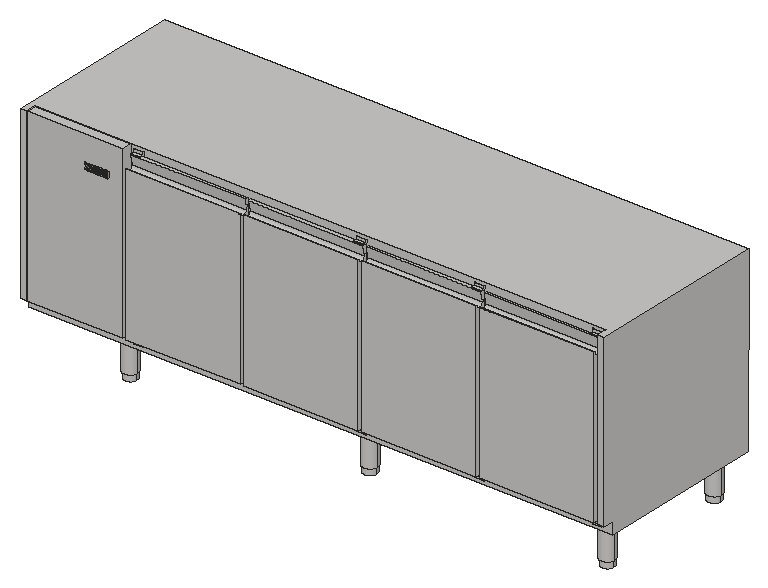
Revit family "QF_ZANUSSI_111052_ZH4H7AAAA", category Specialty Equipment, Revit 2018 (continued)
Definition of nested family "ZAN_Cooling Unit"
  Lines and regions (mm)
    Split face 130
      outline origin (110.032, 2, -113.091) x (0, 0, 1) y (-1, 0, 0)
        loop
          arc (510.649, 158.547) -> (506.648, 162.548) -> (502.647, 158.547) r 4.001
          line (502.647, 158.547) -> (502.647, 116.535)
          arc (502.647, 116.535) -> (506.648, 112.533) -> (510.649, 116.535) r 4.001
          line (510.649, 116.535) -> (510.649, 158.547)
    Split face 131
      outline origin (110.032, 2, -125.094) x (0, 0, 1) y (-1, 0, 0)
        loop
          arc (510.649, 158.547) -> (506.648, 162.548) -> (502.647, 158.547) r 4.001
          line (502.647, 158.547) -> (502.647, 116.535)
          arc (502.647, 116.535) -> (506.648, 112.533) -> (510.649, 116.535) r 4.001
          line (510.649, 116.535) -> (510.649, 158.547)
    Split face 132
      outline origin (110.032, 2, -137.098) x (0, 0, 1) y (-1, 0, 0)
        loop
          arc (510.649, 158.547) -> (506.648, 162.548) -> (502.647, 158.547) r 4.001
          line (502.647, 158.547) -> (502.647, 116.535)
          arc (502.647, 116.535) -> (506.648, 112.533) -> (510.649, 116.535) r 4.001
          line (510.649, 116.535) -> (510.649, 158.547)
    Split face 133
      outline origin (110.032, 2, -149.101) x (0, 0, 1) y (-1, 0, 0)
        loop
          arc (510.649, 158.547) -> (506.648, 162.548) -> (502.647, 158.547) r 4.001
          line (502.647, 158.547) -> (502.647, 116.535)
          arc (502.647, 116.535) -> (506.648, 112.533) -> (510.649, 116.535) r 4.001
          line (510.649, 116.535) -> (510.649, 158.547)
    Split face 134
      outline origin (110.032, 2, -161.105) x (0, 0, 1) y (-1, 0, 0)
        loop
          arc (510.649, 158.547) -> (506.648, 162.548) -> (502.647, 158.547) r 4.001
          line (502.647, 158.547) -> (502.647, 116.535)
          arc (502.647, 116.535) -> (506.648, 112.533) -> (510.649, 116.535) r 4.001
          line (510.649, 116.535) -> (510.649, 158.547)
    Split face 135
      outline origin (110.032, 2, -173.108) x (0, 0, 1) y (-1, 0, 0)
        loop
          arc (510.649, 158.547) -> (506.648, 162.548) -> (502.647, 158.547) r 4.001
          line (502.647, 158.547) -> (502.647, 116.535)
          arc (502.647, 116.535) -> (506.648, 112.533) -> (510.649, 116.535) r 4.001
          line (510.649, 116.535) -> (510.649, 158.547)
    Split face 136
      outline origin (110.032, 2, -185.112) x (0, 0, 1) y (-1, 0, 0)
        loop
          arc (510.649, 158.547) -> (506.648, 162.548) -> (502.647, 158.547) r 4.001
          line (502.647, 158.547) -> (502.647, 116.535)
          arc (502.647, 116.535) -> (506.648, 112.533) -> (510.649, 116.535) r 4.001
          line (510.649, 116.535) -> (510.649, 158.547)
    Split face 137
      outline origin (110.032, 2, -197.115) x (0, 0, 1) y (-1, 0, 0)
        loop
          arc (510.649, 158.547) -> (506.648, 162.548) -> (502.647, 158.547) r 4.001
          line (502.647, 158.547) -> (502.647, 116.535)
          arc (502.647, 116.535) -> (506.648, 112.533) -> (510.649, 116.535) r 4.001
          line (510.649, 116.535) -> (510.649, 158.547)
    Split face 138
      outline origin (110.032, 2, -209.119) x (0, 0, 1) y (-1, 0, 0)
        loop
          arc (510.649, 158.547) -> (506.648, 162.548) -> (502.647, 158.547) r 4.001
          line (502.647, 158.547) -> (502.647, 116.535)
          arc (502.647, 116.535) -> (506.648, 112.533) -> (510.649, 116.535) r 4.001
          line (510.649, 116.535) -> (510.649, 158.547)
    Split face 139
      outline origin (110.032, 2, -221.122) x (0, 0, 1) y (-1, 0, 0)
        loop
          arc (510.649, 158.547) -> (506.648, 162.548) -> (502.647, 158.547) r 4.001
          line (502.647, 158.547) -> (502.647, 116.535)
          arc (502.647, 116.535) -> (506.648, 112.533) -> (510.649, 116.535) r 4.001
          line (510.649, 116.535) -> (510.649, 158.547)
    Split face 140
      outline origin (110.032, 2, -233.126) x (0, 0, 1) y (-1, 0, 0)
        loop
          arc (510.649, 158.547) -> (506.648, 162.548) -> (502.647, 158.547) r 4.001
          line (502.647, 158.547) -> (502.647, 116.535)
          arc (502.647, 116.535) -> (506.648, 112.533) -> (510.649, 116.535) r 4.001
          line (510.649, 116.535) -> (510.649, 158.547)
    Split face 141
      outline origin (110.032, 2, -245.129) x (0, 0, 1) y (-1, 0, 0)
        loop
          arc (510.649, 158.547) -> (506.648, 162.548) -> (502.647, 158.547) r 4.001
          line (502.647, 158.547) -> (502.647, 116.535)
          arc (502.647, 116.535) -> (506.648, 112.533) -> (510.649, 116.535) r 4.001
          line (510.649, 116.535) -> (510.649, 158.547)
    Split face 142
      outline origin (110.032, 2, -257.133) x (0, 0, 1) y (-1, 0, 0)
        loop
          arc (510.649, 158.547) -> (506.648, 162.548) -> (502.647, 158.547) r 4.001
          line (502.647, 158.547) -> (502.647, 116.535)
          arc (502.647, 116.535) -> (506.648, 112.533) -> (510.649, 116.535) r 4.001
          line (510.649, 116.535) -> (510.649, 158.547)
    Split face 143
      outline origin (110.032, 2, -269.136) x (0, 0, 1) y (-1, 0, 0)
        loop
          arc (510.649, 158.547) -> (506.648, 162.548) -> (502.647, 158.547) r 4.001
          line (502.647, 158.547) -> (502.647, 116.535)
          arc (502.647, 116.535) -> (506.648, 112.533) -> (510.649, 116.535) r 4.001
          line (510.649, 116.535) -> (510.649, 158.547)
    Split face 144
      outline origin (110.032, 2, -281.14) x (0, 0, 1) y (-1, 0, 0)
        loop
          arc (510.649, 158.547) -> (506.648, 162.548) -> (502.647, 158.547) r 4.001
          line (502.647, 158.547) -> (502.647, 116.535)
          arc (502.647, 116.535) -> (506.648, 112.533) -> (510.649, 116.535) r 4.001
          line (510.649, 116.535) -> (510.649, 158.547)
    Split face 145
      outline origin (110.032, 2, -293.144) x (0, 0, 1) y (-1, 0, 0)
        loop
          arc (510.649, 158.547) -> (506.648, 162.548) -> (502.647, 158.547) r 4.001
          line (502.647, 158.547) -> (502.647, 116.535)
          arc (502.647, 116.535) -> (506.648, 112.533) -> (510.649, 116.535) r 4.001
          line (510.649, 116.535) -> (510.649, 158.547)
    Split face 146
      outline origin (165.048, 2, -113.091) x (0, 0, 1) y (-1, 0, 0)
        loop
          arc (510.649, 158.547) -> (506.648, 162.548) -> (502.647, 158.547) r 4.001
          line (502.647, 158.547) -> (502.647, 116.535)
          arc (502.647, 116.535) -> (506.648, 112.533) -> (510.649, 116.535) r 4.001
          line (510.649, 116.535) -> (510.649, 158.547)
    Split face 147
      outline origin (165.048, 2, -125.094) x (0, 0, 1) y (-1, 0, 0)
        loop
          arc (510.649, 158.547) -> (506.648, 162.548) -> (502.647, 158.547) r 4.001
          line (502.647, 158.547) -> (502.647, 116.535)
          arc (502.647, 116.535) -> (506.648, 112.533) -> (510.649, 116.535) r 4.001
          line (510.649, 116.535) -> (510.649, 158.547)
    Split face 148
      outline origin (165.048, 2, -137.098) x (0, 0, 1) y (-1, 0, 0)
        loop
          arc (510.649, 158.547) -> (506.648, 162.548) -> (502.647, 158.547) r 4.001
          line (502.647, 158.547) -> (502.647, 116.535)
          arc (502.647, 116.535) -> (506.648, 112.533) -> (510.649, 116.535) r 4.001
          line (510.649, 116.535) -> (510.649, 158.547)
    Split face 149
      outline origin (165.048, 2, -149.101) x (0, 0, 1) y (-1, 0, 0)
        loop
          arc (510.649, 158.547) -> (506.648, 162.548) -> (502.647, 158.547) r 4.001
          line (502.647, 158.547) -> (502.647, 116.535)
          arc (502.647, 116.535) -> (506.648, 112.533) -> (510.649, 116.535) r 4.001
          line (510.649, 116.535) -> (510.649, 158.547)
    Split face 150
      outline origin (165.048, 2, -161.105) x (0, 0, 1) y (-1, 0, 0)
        loop
          arc (510.649, 158.547) -> (506.648, 162.548) -> (502.647, 158.547) r 4.001
          line (502.647, 158.547) -> (502.647, 116.535)
          arc (502.647, 116.535) -> (506.648, 112.533) -> (510.649, 116.535) r 4.001
          line (510.649, 116.535) -> (510.649, 158.547)
    Split face 151
      outline origin (165.048, 2, -173.108) x (0, 0, 1) y (-1, 0, 0)
        loop
          arc (510.649, 158.547) -> (506.648, 162.548) -> (502.647, 158.547) r 4.001
          line (502.647, 158.547) -> (502.647, 116.535)
          arc (502.647, 116.535) -> (506.648, 112.533) -> (510.649, 116.535) r 4.001
          line (510.649, 116.535) -> (510.649, 158.547)
    Split face 152
      outline origin (165.048, 2, -185.112) x (0, 0, 1) y (-1, 0, 0)
        loop
          arc (510.649, 158.547) -> (506.648, 162.548) -> (502.647, 158.547) r 4.001
          line (502.647, 158.547) -> (502.647, 116.535)
          arc (502.647, 116.535) -> (506.648, 112.533) -> (510.649, 116.535) r 4.001
          line (510.649, 116.535) -> (510.649, 158.547)
    Split face 153
      outline origin (165.048, 2, -197.115) x (0, 0, 1) y (-1, 0, 0)
        loop
          arc (510.649, 158.547) -> (506.648, 162.548) -> (502.647, 158.547) r 4.001
          line (502.647, 158.547) -> (502.647, 116.535)
          arc (502.647, 116.535) -> (506.648, 112.533) -> (510.649, 116.535) r 4.001
          line (510.649, 116.535) -> (510.649, 158.547)
    Split face 154
      outline origin (165.048, 2, -209.119) x (0, 0, 1) y (-1, 0, 0)
        loop
          arc (510.649, 158.547) -> (506.648, 162.548) -> (502.647, 158.547) r 4.001
          line (502.647, 158.547) -> (502.647, 116.535)
          arc (502.647, 116.535) -> (506.648, 112.533) -> (510.649, 116.535) r 4.001
          line (510.649, 116.535) -> (510.649, 158.547)
    Split face 155
      outline origin (165.048, 2, -221.122) x (0, 0, 1) y (-1, 0, 0)
        loop
          arc (510.649, 158.547) -> (506.648, 162.548) -> (502.647, 158.547) r 4.001
          line (502.647, 158.547) -> (502.647, 116.535)
          arc (502.647, 116.535) -> (506.648, 112.533) -> (510.649, 116.535) r 4.001
          line (510.649, 116.535) -> (510.649, 158.547)
    Split face 156
      outline origin (165.048, 2, -233.126) x (0, 0, 1) y (-1, 0, 0)
        loop
          arc (510.649, 158.547) -> (506.648, 162.548) -> (502.647, 158.547) r 4.001
          line (502.647, 158.547) -> (502.647, 116.535)
          arc (502.647, 116.535) -> (506.648, 112.533) -> (510.649, 116.535) r 4.001
          line (510.649, 116.535) -> (510.649, 158.547)
    Split face 157
      outline origin (165.048, 2, -245.129) x (0, 0, 1) y (-1, 0, 0)
        loop
          arc (510.649, 158.547) -> (506.648, 162.548) -> (502.647, 158.547) r 4.001
          line (502.647, 158.547) -> (502.647, 116.535)
          arc (502.647, 116.535) -> (506.648, 112.533) -> (510.649, 116.535) r 4.001
          line (510.649, 116.535) -> (510.649, 158.547)
    Split face 158
      outline origin (165.048, 2, -257.133) x (0, 0, 1) y (-1, 0, 0)
        loop
          arc (510.649, 158.547) -> (506.648, 162.548) -> (502.647, 158.547) r 4.001
          line (502.647, 158.547) -> (502.647, 116.535)
          arc (502.647, 116.535) -> (506.648, 112.533) -> (510.649, 116.535) r 4.001
          line (510.649, 116.535) -> (510.649, 158.547)
    Split face 159
      outline origin (165.048, 2, -269.136) x (0, 0, 1) y (-1, 0, 0)
        loop
          arc (510.649, 158.547) -> (506.648, 162.548) -> (502.647, 158.547) r 4.001
          line (502.647, 158.547) -> (502.647, 116.535)
          arc (502.647, 116.535) -> (506.648, 112.533) -> (510.649, 116.535) r 4.001
          line (510.649, 116.535) -> (510.649, 158.547)
    Split face 160
      outline origin (165.048, 2, -281.14) x (0, 0, 1) y (-1, 0, 0)
        loop
          arc (510.649, 158.547) -> (506.648, 162.548) -> (502.647, 158.547) r 4.001
          line (502.647, 158.547) -> (502.647, 116.535)
          arc (502.647, 116.535) -> (506.648, 112.533) -> (510.649, 116.535) r 4.001
          line (510.649, 116.535) -> (510.649, 158.547)
    Split face 161
      outline origin (165.048, 2, -293.144) x (0, 0, 1) y (-1, 0, 0)
        loop
          arc (510.649, 158.547) -> (506.648, 162.548) -> (502.647, 158.547) r 4.001
          line (502.647, 158.547) -> (502.647, 116.535)
          arc (502.647, 116.535) -> (506.648, 112.533) -> (510.649, 116.535) r 4.001
          line (510.649, 116.535) -> (510.649, 158.547)
    Split face 162
      outline origin (220.064, 2, -113.091) x (0, 0, 1) y (-1, 0, 0)
        loop
          arc (510.649, 158.547) -> (506.648, 162.548) -> (502.647, 158.547) r 4.001
          line (502.647, 158.547) -> (502.647, 116.535)
          arc (502.647, 116.535) -> (506.648, 112.533) -> (510.649, 116.535) r 4.001
          line (510.649, 116.535) -> (510.649, 158.547)
    Split face 163
      outline origin (220.064, 2, -125.094) x (0, 0, 1) y (-1, 0, 0)
        loop
          arc (510.649, 158.547) -> (506.648, 162.548) -> (502.647, 158.547) r 4.001
          line (502.647, 158.547) -> (502.647, 116.535)
          arc (502.647, 116.535) -> (506.648, 112.533) -> (510.649, 116.535) r 4.001
          line (510.649, 116.535) -> (510.649, 158.547)
    Split face 164
      outline origin (220.064, 2, -137.098) x (0, 0, 1) y (-1, 0, 0)
        loop
          arc (510.649, 158.547) -> (506.648, 162.548) -> (502.647, 158.547) r 4.001
          line (502.647, 158.547) -> (502.647, 116.535)
          arc (502.647, 116.535) -> (506.648, 112.533) -> (510.649, 116.535) r 4.001
          line (510.649, 116.535) -> (510.649, 158.547)
    Split face 165
      outline origin (220.064, 2, -149.101) x (0, 0, 1) y (-1, 0, 0)
        loop
          arc (510.649, 158.547) -> (506.648, 162.548) -> (502.647, 158.547) r 4.001
          line (502.647, 158.547) -> (502.647, 116.535)
          arc (502.647, 116.535) -> (506.648, 112.533) -> (510.649, 116.535) r 4.001
          line (510.649, 116.535) -> (510.649, 158.547)
    Split face 166
      outline origin (220.064, 2, -161.105) x (0, 0, 1) y (-1, 0, 0)
        loop
          arc (510.649, 158.547) -> (506.648, 162.548) -> (502.647, 158.547) r 4.001
          line (502.647, 158.547) -> (502.647, 116.535)
          arc (502.647, 116.535) -> (506.648, 112.533) -> (510.649, 116.535) r 4.001
          line (510.649, 116.535) -> (510.649, 158.547)
    Split face 167
      outline origin (220.064, 2, -173.108) x (0, 0, 1) y (-1, 0, 0)
        loop
          arc (510.649, 158.547) -> (506.648, 162.548) -> (502.647, 158.547) r 4.001
          line (502.647, 158.547) -> (502.647, 116.535)
          arc (502.647, 116.535) -> (506.648, 112.533) -> (510.649, 116.535) r 4.001
          line (510.649, 116.535) -> (510.649, 158.547)
    Split face 168
      outline origin (220.064, 2, -185.112) x (0, 0, 1) y (-1, 0, 0)
        loop
          arc (510.649, 158.547) -> (506.648, 162.548) -> (502.647, 158.547) r 4.001
          line (502.647, 158.547) -> (502.647, 116.535)
          arc (502.647, 116.535) -> (506.648, 112.533) -> (510.649, 116.535) r 4.001
          line (510.649, 116.535) -> (510.649, 158.547)
    Split face 169
      outline origin (220.064, 2, -197.115) x (0, 0, 1) y (-1, 0, 0)
        loop
          arc (510.649, 158.547) -> (506.648, 162.548) -> (502.647, 158.547) r 4.001
          line (502.647, 158.547) -> (502.647, 116.535)
          arc (502.647, 116.535) -> (506.648, 112.533) -> (510.649, 116.535) r 4.001
          line (510.649, 116.535) -> (510.649, 158.547)
    Split face 170
      outline origin (220.064, 2, -209.119) x (0, 0, 1) y (-1, 0, 0)
        loop
          arc (510.649, 158.547) -> (506.648, 162.548) -> (502.647, 158.547) r 4.001
          line (502.647, 158.547) -> (502.647, 116.535)
          arc (502.647, 116.535) -> (506.648, 112.533) -> (510.649, 116.535) r 4.001
          line (510.649, 116.535) -> (510.649, 158.547)
    Split face 171
      outline origin (220.064, 2, -221.122) x (0, 0, 1) y (-1, 0, 0)
        loop
          arc (510.649, 158.547) -> (506.648, 162.548) -> (502.647, 158.547) r 4.001
          line (502.647, 158.547) -> (502.647, 116.535)
          arc (502.647, 116.535) -> (506.648, 112.533) -> (510.649, 116.535) r 4.001
          line (510.649, 116.535) -> (510.649, 158.547)
    Split face 172
      outline origin (220.064, 2, -233.126) x (0, 0, 1) y (-1, 0, 0)
        loop
          arc (510.649, 158.547) -> (506.648, 162.548) -> (502.647, 158.547) r 4.001
          line (502.647, 158.547) -> (502.647, 116.535)
          arc (502.647, 116.535) -> (506.648, 112.533) -> (510.649, 116.535) r 4.001
          line (510.649, 116.535) -> (510.649, 158.547)
    Split face 173
      outline origin (220.064, 2, -245.129) x (0, 0, 1) y (-1, 0, 0)
        loop
          arc (510.649, 158.547) -> (506.648, 162.548) -> (502.647, 158.547) r 4.001
          line (502.647, 158.547) -> (502.647, 116.535)
          arc (502.647, 116.535) -> (506.648, 112.533) -> (510.649, 116.535) r 4.001
          line (510.649, 116.535) -> (510.649, 158.547)
    Split face 174
      outline origin (220.064, 2, -257.133) x (0, 0, 1) y (-1, 0, 0)
        loop
          arc (510.649, 158.547) -> (506.648, 162.548) -> (502.647, 158.547) r 4.001
          line (502.647, 158.547) -> (502.647, 116.535)
          arc (502.647, 116.535) -> (506.648, 112.533) -> (510.649, 116.535) r 4.001
          line (510.649, 116.535) -> (510.649, 158.547)
    Split face 175
      outline origin (220.064, 2, -269.136) x (0, 0, 1) y (-1, 0, 0)
        loop
          arc (510.649, 158.547) -> (506.648, 162.548) -> (502.647, 158.547) r 4.001
          line (502.647, 158.547) -> (502.647, 116.535)
          arc (502.647, 116.535) -> (506.648, 112.533) -> (510.649, 116.535) r 4.001
          line (510.649, 116.535) -> (510.649, 158.547)
    Split face 176
      outline origin (220.064, 2, -281.14) x (0, 0, 1) y (-1, 0, 0)
        loop
          arc (510.649, 158.547) -> (506.648, 162.548) -> (502.647, 158.547) r 4.001
          line (502.647, 158.547) -> (502.647, 116.535)
          arc (502.647, 116.535) -> (506.648, 112.533) -> (510.649, 116.535) r 4.001
          line (510.649, 116.535) -> (510.649, 158.547)
    Split face 177
      outline origin (220.064, 2, -293.144) x (0, 0, 1) y (-1, 0, 0)
        loop
          arc (510.649, 158.547) -> (506.648, 162.548) -> (502.647, 158.547) r 4.001
          line (502.647, 158.547) -> (502.647, 116.535)
          arc (502.647, 116.535) -> (506.648, 112.533) -> (510.649, 116.535) r 4.001
          line (510.649, 116.535) -> (510.649, 158.547)
    Split face 178
      outline origin (275.081, 2, -113.091) x (0, 0, 1) y (-1, 0, 0)
        loop
          arc (510.649, 158.547) -> (506.648, 162.548) -> (502.647, 158.547) r 4.001
          line (502.647, 158.547) -> (502.647, 116.535)
          arc (502.647, 116.535) -> (506.648, 112.533) -> (510.649, 116.535) r 4.001
          line (510.649, 116.535) -> (510.649, 158.547)
    Split face 179
      outline origin (275.081, 2, -125.094) x (0, 0, 1) y (-1, 0, 0)
        loop
          arc (510.649, 158.547) -> (506.648, 162.548) -> (502.647, 158.547) r 4.001
          line (502.647, 158.547) -> (502.647, 116.535)
          arc (502.647, 116.535) -> (506.648, 112.533) -> (510.649, 116.535) r 4.001
          line (510.649, 116.535) -> (510.649, 158.547)
    Split face 180
      outline origin (275.081, 2, -137.098) x (0, 0, 1) y (-1, 0, 0)
        loop
          arc (510.649, 158.547) -> (506.648, 162.548) -> (502.647, 158.547) r 4.001
          line (502.647, 158.547) -> (502.647, 116.535)
          arc (502.647, 116.535) -> (506.648, 112.533) -> (510.649, 116.535) r 4.001
          line (510.649, 116.535) -> (510.649, 158.547)
    Split face 181
      outline origin (275.081, 2, -149.101) x (0, 0, 1) y (-1, 0, 0)
        loop
          arc (510.649, 158.547) -> (506.648, 162.548) -> (502.647, 158.547) r 4.001
          line (502.647, 158.547) -> (502.647, 116.535)
          arc (502.647, 116.535) -> (506.648, 112.533) -> (510.649, 116.535) r 4.001
          line (510.649, 116.535) -> (510.649, 158.547)
    Split face 182
      outline origin (275.081, 2, -161.105) x (0, 0, 1) y (-1, 0, 0)
        loop
          arc (510.649, 158.547) -> (506.648, 162.548) -> (502.647, 158.547) r 4.001
          line (502.647, 158.547) -> (502.647, 116.535)
          arc (502.647, 116.535) -> (506.648, 112.533) -> (510.649, 116.535) r 4.001
          line (510.649, 116.535) -> (510.649, 158.547)
    Split face 183
      outline origin (275.081, 2, -173.108) x (0, 0, 1) y (-1, 0, 0)
        loop
          arc (510.649, 158.547) -> (506.648, 162.548) -> (502.647, 158.547) r 4.001
          line (502.647, 158.547) -> (502.647, 116.535)
          arc (502.647, 116.535) -> (506.648, 112.533) -> (510.649, 116.535) r 4.001
          line (510.649, 116.535) -> (510.649, 158.547)
    Split face 184
      outline origin (275.081, 2, -185.112) x (0, 0, 1) y (-1, 0, 0)
        loop
          arc (510.649, 158.547) -> (506.648, 162.548) -> (502.647, 158.547) r 4.001
          line (502.647, 158.547) -> (502.647, 116.535)
          arc (502.647, 116.535) -> (506.648, 112.533) -> (510.649, 116.535) r 4.001
          line (510.649, 116.535) -> (510.649, 158.547)
    Split face 185
      outline origin (275.081, 2, -197.115) x (0, 0, 1) y (-1, 0, 0)
        loop
          arc (510.649, 158.547) -> (506.648, 162.548) -> (502.647, 158.547) r 4.001
          line (502.647, 158.547) -> (502.647, 116.535)
          arc (502.647, 116.535) -> (506.648, 112.533) -> (510.649, 116.535) r 4.001
          line (510.649, 116.535) -> (510.649, 158.547)
    Split face 186
      outline origin (275.081, 2, -209.119) x (0, 0, 1) y (-1, 0, 0)
        loop
          arc (510.649, 158.547) -> (506.648, 162.548) -> (502.647, 158.547) r 4.001
          line (502.647, 158.547) -> (502.647, 116.535)
          arc (502.647, 116.535) -> (506.648, 112.533) -> (510.649, 116.535) r 4.001
          line (510.649, 116.535) -> (510.649, 158.547)
    Split face 187
      outline origin (275.081, 2, -221.122) x (0, 0, 1) y (-1, 0, 0)
        loop
          arc (510.649, 158.547) -> (506.648, 162.548) -> (502.647, 158.547) r 4.001
          line (502.647, 158.547) -> (502.647, 116.535)
          arc (502.647, 116.535) -> (506.648, 112.533) -> (510.649, 116.535) r 4.001
          line (510.649, 116.535) -> (510.649, 158.547)
    Split face 188
      outline origin (275.081, 2, -233.126) x (0, 0, 1) y (-1, 0, 0)
        loop
          arc (510.649, 158.547) -> (506.648, 162.548) -> (502.647, 158.547) r 4.001
          line (502.647, 158.547) -> (502.647, 116.535)
          arc (502.647, 116.535) -> (506.648, 112.533) -> (510.649, 116.535) r 4.001
          line (510.649, 116.535) -> (510.649, 158.547)
    Split face 189
      outline origin (275.081, 2, -245.129) x (0, 0, 1) y (-1, 0, 0)
        loop
          arc (510.649, 158.547) -> (506.648, 162.548) -> (502.647, 158.547) r 4.001
          line (502.647, 158.547) -> (502.647, 116.535)
          arc (502.647, 116.535) -> (506.648, 112.533) -> (510.649, 116.535) r 4.001
          line (510.649, 116.535) -> (510.649, 158.547)
    Split face 190
      outline origin (275.081, 2, -257.133) x (0, 0, 1) y (-1, 0, 0)
        loop
          arc (510.649, 158.547) -> (506.648, 162.548) -> (502.647, 158.547) r 4.001
          line (502.647, 158.547) -> (502.647, 116.535)
          arc (502.647, 116.535) -> (506.648, 112.533) -> (510.649, 116.535) r 4.001
          line (510.649, 116.535) -> (510.649, 158.547)
    Split face 191
      outline origin (275.081, 2, -269.136) x (0, 0, 1) y (-1, 0, 0)
        loop
          arc (510.649, 158.547) -> (506.648, 162.548) -> (502.647, 158.547) r 4.001
          line (502.647, 158.547) -> (502.647, 116.535)
          arc (502.647, 116.535) -> (506.648, 112.533) -> (510.649, 116.535) r 4.001
          line (510.649, 116.535) -> (510.649, 158.547)
    Split face 192
      outline origin (275.081, 2, -281.14) x (0, 0, 1) y (-1, 0, 0)
        loop
          arc (510.649, 158.547) -> (506.648, 162.548) -> (502.647, 158.547) r 4.001
          line (502.647, 158.547) -> (502.647, 116.535)
          arc (502.647, 116.535) -> (506.648, 112.533) -> (510.649, 116.535) r 4.001
          line (510.649, 116.535) -> (510.649, 158.547)
    Split face 193
      outline origin (275.081, 2, -293.144) x (0, 0, 1) y (-1, 0, 0)
        loop
          arc (510.649, 158.547) -> (506.648, 162.548) -> (502.647, 158.547) r 4.001
          line (502.647, 158.547) -> (502.647, 116.535)
          arc (502.647, 116.535) -> (506.648, 112.533) -> (510.649, 116.535) r 4.001
          line (510.649, 116.535) -> (510.649, 158.547)
    Split face 194
      outline origin (0, 2, 197) x (0, 0, 1) y (-1, 0, 0)
        loop
          spline (566.835, 20.381) -> (564.628, 19.058) -> (561.987, 18.027) -> (558.955, 17.386) -> (555.581, 17.244) -> (551.912, 17.703) -> (547.993, 18.863) -> (543.871, 20.83) -> (539.591, 23.706) -> (535.202, 27.594) -> (530.748, 32.597) -> (526.28, 38.824) -> (521.835, 46.362)
        loop
          spline (521.835, 58.392) -> (525.386, 49.242) -> (529.197, 41.481) -> (533.2, 35.023) -> (537.329, 29.786) -> (541.516, 25.684) -> (545.695, 22.634) -> (549.798, 20.552) -> (553.759, 19.355) -> (557.511, 18.958) -> (560.984, 19.275) -> (564.115, 20.227) -> (566.835, 21.726)
    Split face 195
      outline origin (0, 2, 197) x (0, 0, 1) y (-1, 0, 0)
        loop
          line (555.835, 149.5) -> (532.835, 149.5) -> (532.835, 94.5) -> (555.835, 94.5) -> (555.835, 149.5)
  Dimensions and locks
    aligned and locked: level to plane 2
  Nested families
    nested 1: "ZAN_Logo_S_Grey" at (85, 2, 741.213) x (1, 0, 0) z (0, -1, 0), visible <- "Show Logo", type "ZAN_Logo_S_Grey"
  Definition of nested family "ZAN_Logo_S_Grey"
    Parameters
      Default Elevation = 0 mm
    Reference planes
      plane 1 "Centro (Fronte/Retro)": y = 0
      plane 2: z = 0
      plane 3 "Centro (Sinistra/Destra)": x = 0
    Forms (mm)
      Extrusion 1, solid
        sketch origin (0, 0, 0) x (1, 0, 0) y (0, 1, 0)
          loop
            line (-1219.2, 1219.2) -> (-1219.2, -1219.2) -> (1219.2, -1219.2) -> (1219.2, 1219.2) -> (-1219.2, 1219.2)
        from 0 to -304.8
      Extrusion 2, solid
        sketch origin (17.793, -46.218, 0) x (-1, 0, 0) y (0, -1, 0)
          loop
            spline (-4.176, -58.079) -> (-3.496, -58.328) -> (-2.793, -58.512) -> (-2.075, -58.63) -> (-1.348, -58.682) -> (-0.619, -58.669) -> (0.106, -58.588) -> (0.818, -58.44) -> (1.512, -58.225) -> (2.18, -57.941) -> (2.817, -57.589) -> (3.414, -57.167) -> (3.966, -56.676)
            spline (3.966, -56.676) -> (4.293, -56.162) -> (4.575, -55.61) -> (4.81, -55.026) -> (5, -54.419) -> (5.146, -53.797) -> (5.247, -53.166) -> (5.304, -52.536) -> (5.318, -51.913) -> (5.288, -51.306) -> (5.217, -50.723) -> (5.103, -50.17) -> (4.949, -49.657)
            line (4.949, -49.657) -> (2.702, -46.428) -> (0.316, -44.323)
            spline (0.316, -44.323) -> (0.065, -44.115) -> (-0.195, -43.909) -> (-0.46, -43.704) -> (-0.729, -43.496) -> (-0.997, -43.282) -> (-1.263, -43.059) -> (-1.523, -42.825) -> (-1.774, -42.576) -> (-2.013, -42.309) -> (-2.238, -42.022) -> (-2.445, -41.712) -> (-2.632, -41.375)
            spline (-2.632, -41.375) -> (-2.666, -41.159) -> (-2.697, -40.934) -> (-2.722, -40.701) -> (-2.736, -40.465) -> (-2.736, -40.227) -> (-2.72, -39.989) -> (-2.682, -39.754) -> (-2.621, -39.524) -> (-2.533, -39.302) -> (-2.414, -39.091) -> (-2.261, -38.892) -> (-2.07, -38.708)
            line (-2.07, -38.708) -> (-0.245, -38.567)
            spline (-0.245, -38.567) -> (0.096, -38.8) -> (0.354, -39.074) -> (0.54, -39.381) -> (0.664, -39.716) -> (0.738, -40.073) -> (0.772, -40.445) -> (0.777, -40.825) -> (0.763, -41.208) -> (0.742, -41.588) -> (0.723, -41.957) -> (0.718, -42.309) -> (0.737, -42.638)
            line (0.737, -42.638) -> (5.65, -42.638)
            spline (5.65, -42.638) -> (5.708, -42.042) -> (5.741, -41.448) -> (5.747, -40.857) -> (5.723, -40.273) -> (5.668, -39.696) -> (5.58, -39.129) -> (5.457, -38.574) -> (5.297, -38.032) -> (5.098, -37.506) -> (4.857, -36.997) -> (4.574, -36.508) -> (4.247, -36.041)
            spline (4.247, -36.041) -> (3.844, -35.675) -> (3.409, -35.35) -> (2.946, -35.065) -> (2.458, -34.819) -> (1.949, -34.612) -> (1.421, -34.444) -> (0.88, -34.314) -> (0.326, -34.221) -> (-0.234, -34.165) -> (-0.8, -34.146) -> (-1.366, -34.163) -> (-1.93, -34.216)
            spline (-1.93, -34.216) -> (-2.526, -34.309) -> (-3.116, -34.448) -> (-3.695, -34.633) -> (-4.259, -34.861) -> (-4.801, -35.131) -> (-5.316, -35.444) -> (-5.799, -35.798) -> (-6.245, -36.191) -> (-6.648, -36.624) -> (-7.002, -37.095) -> (-7.303, -37.603) -> (-7.545, -38.146)
            spline (-7.545, -38.146) -> (-7.694, -38.815) -> (-7.792, -39.487) -> (-7.839, -40.158) -> (-7.836, -40.824) -> (-7.785, -41.482) -> (-7.685, -42.129) -> (-7.539, -42.762) -> (-7.347, -43.377) -> (-7.111, -43.97) -> (-6.83, -44.538) -> (-6.506, -45.078) -> (-6.141, -45.586)
            line (-6.141, -45.586) -> (-0.526, -50.64) -> (0.176, -51.482)
            spline (0.176, -51.482) -> (0.248, -51.66) -> (0.323, -51.843) -> (0.397, -52.03) -> (0.467, -52.22) -> (0.529, -52.412) -> (0.579, -52.605) -> (0.615, -52.798) -> (0.633, -52.989) -> (0.63, -53.179) -> (0.601, -53.366) -> (0.545, -53.55) -> (0.456, -53.728)
            spline (0.456, -53.728) -> (0.375, -53.892) -> (0.273, -54.034) -> (0.154, -54.155) -> (0.02, -54.258) -> (-0.126, -54.343) -> (-0.28, -54.412) -> (-0.441, -54.466) -> (-0.604, -54.508) -> (-0.767, -54.537) -> (-0.928, -54.556) -> (-1.082, -54.567) -> (-1.228, -54.57)
            line (-1.228, -54.57) -> (-2.632, -53.587) -> (-2.772, -50.64) -> (-7.405, -50.64)
            spline (-7.405, -50.64) -> (-7.41, -51.031) -> (-7.423, -51.432) -> (-7.44, -51.839) -> (-7.456, -52.251) -> (-7.469, -52.665) -> (-7.475, -53.079) -> (-7.468, -53.489) -> (-7.446, -53.894) -> (-7.404, -54.291) -> (-7.339, -54.679) -> (-7.247, -55.053) -> (-7.123, -55.412)
            spline (-7.123, -55.412) -> (-6.999, -55.693) -> (-6.837, -55.97) -> (-6.643, -56.244) -> (-6.422, -56.509) -> (-6.177, -56.765) -> (-5.913, -57.009) -> (-5.634, -57.238) -> (-5.346, -57.45) -> (-5.051, -57.643) -> (-4.755, -57.814) -> (-4.462, -57.96) -> (-4.176, -58.079)
          loop
            spline (-21.021, -55.552) -> (-20.633, -56.181) -> (-20.177, -56.736) -> (-19.661, -57.217) -> (-19.092, -57.627) -> (-18.478, -57.966) -> (-17.827, -58.237) -> (-17.147, -58.441) -> (-16.446, -58.578) -> (-15.73, -58.652) -> (-15.009, -58.662) -> (-14.29, -58.611) -> (-13.581, -58.5)
            spline (-13.581, -58.5) -> (-13.088, -58.407) -> (-12.595, -58.269) -> (-12.109, -58.088) -> (-11.636, -57.866) -> (-11.183, -57.605) -> (-10.756, -57.307) -> (-10.361, -56.974) -> (-10.004, -56.608) -> (-9.692, -56.211) -> (-9.431, -55.784) -> (-9.228, -55.33) -> (-9.089, -54.851)
            spline (-9.089, -54.851) -> (-8.873, -54.211) -> (-8.715, -53.559) -> (-8.615, -52.901) -> (-8.574, -52.241) -> (-8.592, -51.585) -> (-8.668, -50.938) -> (-8.802, -50.306) -> (-8.995, -49.693) -> (-9.247, -49.106) -> (-9.557, -48.55) -> (-9.925, -48.03) -> (-10.352, -47.551)
            line (-10.352, -47.551) -> (-15.546, -42.919) -> (-16.669, -41.234)
            spline (-16.669, -41.234) -> (-16.704, -41.021) -> (-16.735, -40.804) -> (-16.761, -40.583) -> (-16.778, -40.361) -> (-16.784, -40.139) -> (-16.774, -39.919) -> (-16.748, -39.701) -> (-16.7, -39.488) -> (-16.63, -39.28) -> (-16.533, -39.08) -> (-16.406, -38.889) -> (-16.248, -38.708)
            line (-16.248, -38.708) -> (-14.844, -38.427)
            spline (-14.844, -38.427) -> (-14.347, -38.545) -> (-13.969, -38.749) -> (-13.695, -39.028) -> (-13.508, -39.368) -> (-13.393, -39.757) -> (-13.335, -40.182) -> (-13.318, -40.63) -> (-13.326, -41.089) -> (-13.344, -41.546) -> (-13.356, -41.988) -> (-13.347, -42.403) -> (-13.3, -42.779)
            line (-13.3, -42.779) -> (-8.387, -42.638)
            spline (-8.387, -42.638) -> (-8.326, -42.034) -> (-8.288, -41.417) -> (-8.277, -40.794) -> (-8.299, -40.169) -> (-8.357, -39.548) -> (-8.457, -38.936) -> (-8.604, -38.339) -> (-8.803, -37.762) -> (-9.058, -37.21) -> (-9.375, -36.689) -> (-9.758, -36.204) -> (-10.212, -35.76)
            spline (-10.212, -35.76) -> (-10.793, -35.336) -> (-11.409, -34.976) -> (-12.054, -34.679) -> (-12.723, -34.445) -> (-13.409, -34.273) -> (-14.107, -34.163) -> (-14.811, -34.115) -> (-15.515, -34.127) -> (-16.213, -34.2) -> (-16.899, -34.333) -> (-17.568, -34.526) -> (-18.213, -34.777)
            spline (-18.213, -34.777) -> (-18.496, -34.897) -> (-18.783, -35.044) -> (-19.071, -35.216) -> (-19.357, -35.412) -> (-19.639, -35.629) -> (-19.915, -35.865) -> (-20.182, -36.119) -> (-20.438, -36.389) -> (-20.681, -36.672) -> (-20.907, -36.967) -> (-21.115, -37.272) -> (-21.301, -37.585)
            spline (-21.301, -37.585) -> (-21.55, -38.26) -> (-21.734, -38.948) -> (-21.854, -39.647) -> (-21.91, -40.351) -> (-21.901, -41.057) -> (-21.828, -41.761) -> (-21.69, -42.459) -> (-21.489, -43.148) -> (-21.222, -43.823) -> (-20.892, -44.48) -> (-20.497, -45.116) -> (-20.038, -45.726)
            line (-20.038, -45.726) -> (-14.142, -51.061) -> (-13.44, -52.886) -> (-14.002, -54.289) -> (-15.265, -54.57) -> (-16.669, -53.587) -> (-16.81, -50.78) -> (-21.582, -50.64)
            spline (-21.582, -50.64) -> (-21.558, -51.063) -> (-21.55, -51.491) -> (-21.554, -51.92) -> (-21.561, -52.35) -> (-21.567, -52.778) -> (-21.565, -53.201) -> (-21.547, -53.619) -> (-21.509, -54.029) -> (-21.444, -54.43) -> (-21.345, -54.818) -> (-21.206, -55.193) -> (-21.021, -55.552)
          loop
            line (-22.424, -34.216) -> (-27.337, -34.216) -> (-27.337, -58.22) -> (-22.424, -58.22) -> (-22.424, -34.216)
          loop
            line (14.213, -39.971) -> (14.213, -58.22) -> (19.126, -58.22) -> (19.126, -42.077) -> (18.845, -38.146) -> (18.424, -37.164) -> (17.442, -35.9) -> (16.459, -35.199) -> (14.494, -34.356) -> (13.511, -34.216) -> (11.265, -34.216) -> (10.142, -34.497) -> (8.458, -35.479) -> (6.493, -38.287) -> (6.352, -39.269) -> (6.352, -58.22) -> (11.265, -58.22) -> (11.265, -40.392) -> (11.827, -39.129) -> (13.371, -38.988) -> (14.213, -39.971)
          loop
            line (20.249, -58.22) -> (24.741, -58.22) -> (24.741, -42.919) -> (28.812, -58.22) -> (34.006, -58.22) -> (34.006, -34.216) -> (29.654, -34.216) -> (29.654, -50.078) -> (25.583, -34.216) -> (20.249, -34.216) -> (20.249, -58.22)
          loop
            line (50.149, -58.22) -> (62.361, -58.22) -> (62.361, -53.728) -> (55.904, -53.868) -> (62.923, -39.129) -> (62.923, -34.216) -> (50.149, -34.216) -> (50.149, -39.129) -> (57.517, -39.129) -> (50.149, -54.149) -> (50.149, -58.22)
          loop
            line (38.778, -58.22) -> (45.516, -58.22) -> (49.868, -34.216) -> (44.814, -34.216) -> (44.113, -38.848) -> (40.042, -38.848) -> (39.34, -34.216) -> (34.286, -34.216) -> (38.778, -58.22)
          loop
            line (43.551, -43.2) -> (40.744, -43.2) -> (42.147, -54.117) -> (43.551, -43.2)
        from 0 to 1.644
    Dimensions and locks
      aligned and locked: plane 2 to Extrusion 1
      aligned and locked: level to Extrusion 1
Definition of nested family "Refrigerator"
  Reference planes
    plane 1 "Center (Front/Back)": y = 0
    plane 2: z = 0
    plane 3 "Center (Left/Right)": x = 0
  Lines and regions (mm)
    detail lines, in view "Ref. Level"
      curve 1: spline (-500, 190, 0) -> (-493.185, 166.706, 0) -> (-473.205, 145, 0) -> (-441.421, 126.36, 0) -> (-400, 112.058, 0) -> (-351.764, 103.067, 0) -> (-300, 100, 0) -> (-248.236, 103.067, 0) -> (-200, 112.058, 0) -> (-158.579, 126.36, 0) -> (-126.795, 145, 0) -> (-106.815, 166.706, 0) -> (-100, 190, 0) -> (-106.815, 213.294, 0) -> (-126.795, 235, 0) -> (-158.579, 253.64, 0) -> (-200, 267.942, 0) -> (-248.236, 276.933, 0) -> (-300, 280, 0) -> (-351.764, 276.933, 0) -> (-400, 267.942, 0) -> (-441.421, 253.64, 0) -> (-473.205, 235, 0) -> (-493.185, 213.294, 0) -> (-500, 190, 0)
      curve 2: line (-300, 130, 0) -> (-300, 250, 0)
      curve 3: line (-351.962, 220, 0) -> (-248.038, 160, 0)
      curve 4: line (-351.962, 160, 0) -> (-248.038, 220, 0)
      curve 5: line (-280.884, 246.873, 0) -> (-300, 225, 0)
      curve 6: line (-300, 225, 0) -> (-319.116, 246.873, 0)
      curve 7: line (-330.311, 207.5, 0) -> (-339.696, 234.992, 0)
      curve 8: line (-358.812, 201.882, 0) -> (-330.311, 207.5, 0)
      curve 9: line (-330.311, 172.5, 0) -> (-358.812, 178.118, 0)
      curve 10: line (-339.696, 145.008, 0) -> (-330.311, 172.5, 0)
      curve 11: line (-300, 155, 0) -> (-319.116, 133.127, 0)
      curve 12: line (-280.884, 133.127, 0) -> (-300, 155, 0)
      curve 13: line (-269.689, 172.5, 0) -> (-260.304, 145.008, 0)
      curve 14: line (-241.188, 178.118, 0) -> (-269.689, 172.5, 0)
      curve 15: line (-269.689, 207.5, 0) -> (-241.188, 201.882, 0)
      curve 16: line (-260.304, 234.992, 0) -> (-269.689, 207.5, 0)
